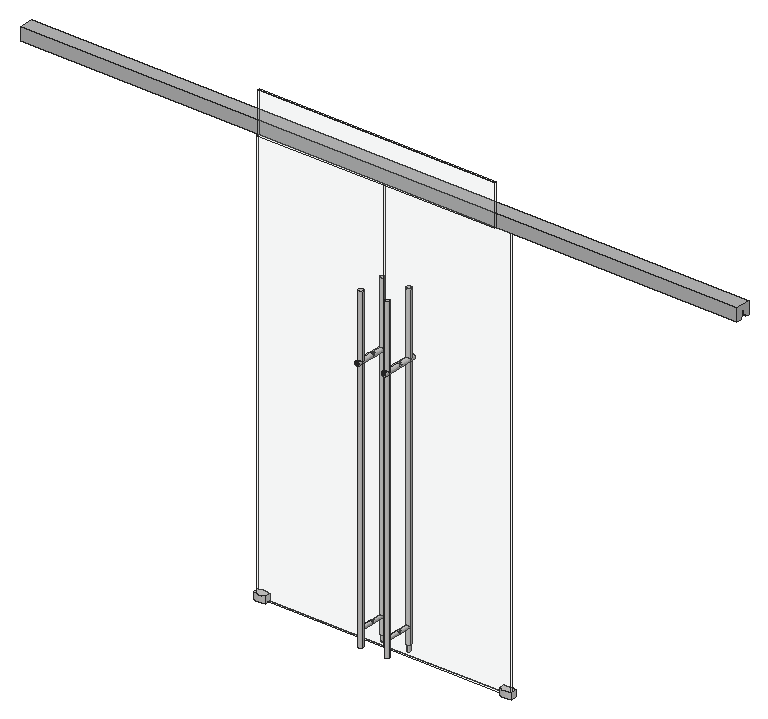
Revit family "Doors_Sliding_Avanti_Systems_Polaris-Auto-Magnetic-Slider_Pair-Glass-Mount-Dbl-Glazed", category Doors, Revit 2026 (continued)
Definition of nested family "Handle"
  Definition of nested family "Hinged Framed Swing locker"
    Automatic sketch dimensions
      Extrusion 3 sketch curve to Extrusion 3 sketch curve = 0"  (x2)
      plane 19 to Extrusion 3 sketch curve = 0.0325"  (x2)
      Extrusion 3 sketch curve to plane 7 = 0.14874"  (x2)
      Extrusion 3 sketch curve to Extrusion 3 sketch curve = 0.01087"  (x2)
      Extrusion 3 sketch curve to Extrusion 3 sketch curve = 0.08227"
      Extrusion 3 sketch curve to plane 12 = 7/16"
      Extrusion 3 sketch curve to Extrusion 3 sketch curve = 0.09962"
      Extrusion 3 sketch curve to Extrusion 3 sketch curve = 0.1465"
      Extrusion 3 sketch curve to Extrusion 3 sketch curve = 0.06811"  (x2)
      Extrusion 3 sketch curve to Extrusion 3 sketch curve = 0.20701"
      plane 13 to Extrusion 3 sketch curve = 1/16"
      Extrusion 4 sketch curve to Extrusion 4 sketch curve = 0"  (x2)
      Extrusion 4 sketch curve to Extrusion 1 = 1"
      Extrusion 1 to Extrusion 4 sketch curve = 1 15/16"
      Extrusion 5 sketch curve to Extrusion 1 = 1"
      Extrusion 1 to Extrusion 5 sketch curve = 1 15/16"
      Extrusion 7 sketch curve to plane 3 "Center (Left/Right)" = 0"
      plane 25 to Extrusion 7 sketch curve = 0.32895"
      plane 20 to Extrusion 8 sketch curve = 0.80529"
      plane 12 to Extrusion 8 sketch curve = 0.68029"
      Extrusion 8 sketch curve to Extrusion 8 sketch curve = 0.0111"
      Extrusion 8 sketch curve to Extrusion 8 sketch curve = 0.12313"
      Extrusion 8 sketch curve to Extrusion 8 sketch curve = 0.09753"
      Extrusion 8 sketch curve to Extrusion 8 sketch curve = 0.1137"
      Extrusion 9 sketch curve to Extrusion 9 sketch curve = 0"  (x4)
      Extrusion 9 sketch curve to Extrusion 1 = 0.71851"
      Extrusion 9 sketch curve to Extrusion 9 sketch curve = 0.28149"
      Extrusion 1 to Extrusion 9 sketch curve = 3.3098"
      Extrusion 9 sketch curve to Extrusion 9 sketch curve = 0.0652"  (x3)
      Extrusion 1 to Extrusion 9 sketch curve = 2.65457"
      Extrusion 1 to Extrusion 9 sketch curve = 2.57443"
      Extrusion 9 sketch curve to Extrusion 9 sketch curve = 0.21707"
      Extrusion 9 sketch curve to Extrusion 9 sketch curve = 0.14346"
      plane 20 to Extrusion 10 sketch curve = 0.80529"
      plane 12 to Extrusion 10 sketch curve = 0.68029"
      Extrusion 10 sketch curve to Extrusion 10 sketch curve = 0.0111"
      Extrusion 10 sketch curve to Extrusion 10 sketch curve = 0.12313"
      Extrusion 10 sketch curve to Extrusion 10 sketch curve = 0.08537"
      Extrusion 10 sketch curve to Extrusion 10 sketch curve = 0.1137"
      Extrusion 11 sketch curve to plane 3 "Center (Left/Right)" = 0"
      plane 25 to Extrusion 11 sketch curve = 0.32895"
      plane 27 to Extrusion 12 sketch curve = 1.04735"
      Extrusion 12 sketch curve to plane 26 = 0.06323"
      Extrusion 12 sketch curve to plane 26 = 0.05213"
      Extrusion 12 sketch curve to plane 16 = 0.02652"
      Extrusion 12 sketch curve to Extrusion 12 sketch curve = 0.08537"
      Extrusion 12 sketch curve to Extrusion 12 sketch curve = 0.1137"
      Extrusion 13 sketch curve to Extrusion 13 sketch curve = 0"  (x2)
      Extrusion 13 sketch curve to plane 24 = 0"
      Extrusion 13 sketch curve to plane 3 "Center (Left/Right)" = 0"
      plane 28 to Extrusion 13 sketch curve = 0.27265"
      Extrusion 13 sketch curve to plane 24 = 0.0652"  (x2)
      plane 28 to Extrusion 13 sketch curve = 0.35279"
      Extrusion 13 sketch curve to Extrusion 13 sketch curve = 0.0652"  (x2)
      plane 25 to Extrusion 13 sketch curve = 0.32895"
      Extrusion 13 sketch curve to Extrusion 13 sketch curve = 0.14346"
      plane 25 to Extrusion 13 sketch curve = 0.11187"
      plane 3 "Center (Left/Right)" to Extrusion 13 sketch curve = 0.28149"
      plane 27 to Extrusion 14 sketch curve = 1.04735"
      Extrusion 14 sketch curve to plane 26 = 0.06323"
      Extrusion 14 sketch curve to plane 26 = 0.05213"
      Extrusion 14 sketch curve to plane 16 = 0.02652"
      Extrusion 14 sketch curve to Extrusion 14 sketch curve = 0.09753"
      Extrusion 14 sketch curve to Extrusion 14 sketch curve = 0.1137"
      plane 24 to curve 1 = 5/256"
      plane 25 to curve 1 = 0.32895"
      plane 3 "Center (Left/Right)" to curve 1 = 91/256"
      radius of Extrusion 4 sketch curve = 0.63654"
      radius of Extrusion 4 sketch curve = 0.60041"
      radius of Extrusion 5 sketch curve = 0.60041"
      radius of Blend 6 sketch curve = 0.21605"
      radius of Blend 6 sketch curve = 0.19257"
      radius of Extrusion 7 sketch curve = 91/256"
      radius of Extrusion 11 sketch curve = 91/256"
  Definition of nested family "Handle_For-Glass_Rounded_600mm"
    Parameters (values of type "Handle_For-Glass_Rounded_600mm")
      Handle Material [instance] = none
      Handle Height [instance] = 48"  # constant formula
      Default Elevation = 48"
    Reference planes (in)
      plane 1 "Center (Front/Back)": y = 0
      plane 2: z = 26.93599
      plane 3 "Center (Left/Right)": x = 0
      plane 4: z = 0
      plane 5: z = -2.66749
      plane 6: y = -28.44876
      plane 7: y = 14.63423
      plane 8: y = -33.36577
    Forms (in)
      Sweep 1, solid, material <- "Handle Material"
        path origin (0, -17.24158, 0) x (0, 0, 1) y (0, -1, 0)
          loop
            line (-2.10925, 11.20718) -> (0, 11.20718)
        profile origin (0, -28.44876, 0) x (0, -1, 0) y (1, 0, 0)
          loop
            circle (0, 0) r 0.3125
      Sweep 2, solid, material <- "Handle Material"
        path origin (0, 10.76459, 0) x (0, 0, 1) y (0, -1, 0)
          loop
            line (-2.30394, 1.07019) -> (0, 1.07019)
        profile origin (0, 9.69441, 0) x (0, -1, 0) y (1, 0, 0)
          loop
            circle (0, 0) r 0.3125
      Extrusion 3, solid, material <- "Handle Material"
        sketch origin (0, -17.24158, 0) x (1, 0, 0) y (0, 0, -1)
          loop
            circle (0, 2.27257) r 0.39445
        from -16.12419 to 31.87581
    Dimensions and locks (in)
      locked: plane 8 to plane 6 at 4.91701
      "Handle Height": plane 7 to plane 8
      aligned and locked: plane 7 to Extrusion 3
      aligned and locked: Extrusion 3 to plane 8
  Definition of nested family "Handle_For-Glass_Rounded_60in"
    Parameters (values of type "60"")
      No locker [instance] = yes
      Locker [instance] = yes
      Handle Material [instance] = none
      Handle Height [instance] = 60"  # constant formula
      Default Elevation = 0"
    Reference planes (in)
      plane 1 "Center (Front/Back)": y = 0
      plane 2: z = 19.87581
      plane 3 "Center (Left/Right)": x = 0
      plane 4: z = 2.66749
      plane 5: y = -36.97039
      plane 6: z = 0
      plane 7: y = 20.02961
      plane 8: y = -39.97039
    Forms (in)
      Sweep 1, solid, material <- "Handle Material"
        path origin (0, -11.8462, 0) x (0, 0, -1) y (0, 1, 0)
          loop
            line (-2.10925, -25.12419) -> (0, -25.12419)
        profile origin (0, -36.97039, 0) x (1, 0, 0) y (0, 1, 0)
          loop
            circle (0, 0) r 0.3125
      Sweep 2, solid, material <- "Handle Material"
        path origin (0, 16.15997, 0) x (0, 0, -1) y (0, 1, 0)
          loop
            line (-3.10757, -8.13036) -> (0, -8.13036)
        profile origin (0, 8.02961, 0) x (1, 0, 0) y (0, 1, 0)
          loop
            circle (0, 0) r 0.4375
      Extrusion 3, solid, material <- "Handle Material"
        sketch origin (0, -11.8462, 0) x (1, 0, 0) y (0, 0, -1)
          loop
            circle (0, -2.27257) r 0.39445
        from -28.12419 to 31.87581
      Revolve 4, solid, material <- "Handle Material"
        sketch origin (0, -11.8462, 0) x (0, 0, -1) y (0, 1, 0)
          loop
            line (-3.10757, 20.0489) -> (-3.19084, 20.0489) -> (-3.19084, 19.87581) -> (-3.10757, 19.87581) -> (-3.10757, 20.0489)
          axis (-3.10757, 19.87581) -> (-3.19084, 19.87581)
        angle from 0 to 360
      Extrusion 5, solid, material <- "Handle Material", visible <- "Locker"
        sketch origin (0, -11.8462, 0) x (0, 0, -1) y (0, 1, 0)
          loop
            line (-3.19084, 19.98905) -> (-3.34908, 19.98905)
            arc (-3.34908, 19.98905) -> (-3.37904, 19.97664) -> (-3.39145, 19.94668) r 0.04237
            line (-3.39145, 19.94668) -> (-3.39145, 19.80495)
            arc (-3.39145, 19.80495) -> (-3.37904, 19.77499) -> (-3.34908, 19.76258) r 0.04237
            line (-3.34908, 19.76258) -> (-3.19084, 19.76258) -> (-3.19084, 19.98905)
        from -0.03592 to 0.03621
      Revolve 6, solid, material <- "Handle Material", visible <- "No locker"
        sketch origin (0, -11.62359, 0) x (0, 0, -1) y (0, 1, 0)
          loop
            line (-3.10757, 20.0489) -> (-3.20833, 20.0489) -> (-3.20833, 19.87581) -> (-3.10757, 19.87581) -> (-3.10757, 20.0489)
          axis (-3.10757, 19.87581) -> (-3.20833, 19.87581)
        angle from 0 to 360
      Revolve 7, solid, material <- "Handle Material", visible <- "Locker"
        sketch origin (0, -11.8462, 0) x (0, 0, -1) y (0, 1, 0)
          loop
            line (-2.27257, -28.12419) -> (-2.50833, -28.12419) -> (-2.50833, -29.32199) -> (-2.41048, -29.49919) -> (-2.27257, -29.49919) -> (-2.27257, -28.12419)
          axis (-2.27257, -28.12419) -> (-2.27257, -29.49919)
        angle from 0 to 360
    Lines and regions (in)
      reference lines
        curve 1: line (0, -40.47039, 2.66749) -> (0, -40.47039, 0)
    Dimensions and locks (in)
      locked: plane 8 to plane 5 at 3
      "Handle Height": plane 7 to plane 8
      aligned and locked: Extrusion 3 to plane 7
      aligned and locked: Extrusion 3 to plane 8
      aligned and locked: Sweep 1 sketch curve to plane 5
  Definition of nested family "Handle_For-Glass_Rounded_60in2"
    Parameters (values of type "60"")
      No locker [instance] = yes
      Locker [instance] = yes
      Handle Material [instance] = none
      Handle Height [instance] = 60"  # constant formula
      Default Elevation = 0"
    Reference planes (in)
      plane 1 "Center (Front/Back)": y = 0
      plane 2: z = 19.87581
      plane 3 "Center (Left/Right)": x = 0
      plane 4: y = -36.97039
      plane 5: z = 0
      plane 6: y = 20.02961
      plane 7: y = -39.97039
      plane 8: z = -2.66749
    Forms (in)
      Sweep 1, solid, material <- "Handle Material"
        path origin (0, -11.8462, 0) x (0, 0, 1) y (0, 1, 0)
          loop
            line (-2.10925, -25.12419) -> (0, -25.12419)
        profile origin (0, -36.97039, 0) x (0, -1, 0) y (1, 0, 0)
          loop
            circle (0, 0) r 0.3125
      Sweep 2, solid, material <- "Handle Material"
        path origin (0, 16.15997, 0) x (0, 0, 1) y (0, 1, 0)
          loop
            line (-3.10757, -8.13036) -> (0, -8.13036)
        profile origin (0, 8.02961, 0) x (0, -1, 0) y (1, 0, 0)
          loop
            circle (0, 0) r 0.4375
      Extrusion 3, solid, material <- "Handle Material"
        sketch origin (0, -11.8462, 0) x (1, 0, 0) y (0, 0, -1)
          loop
            circle (0, 2.27257) r 0.39445
        from -28.12419 to 31.87581
      Revolve 4, solid, material <- "Handle Material"
        sketch origin (0, -11.8462, 0) x (0, 0, 1) y (0, 1, 0)
          loop
            line (-3.10757, 20.0489) -> (-3.19084, 20.0489) -> (-3.19084, 19.87581) -> (-3.10757, 19.87581) -> (-3.10757, 20.0489)
          axis (-3.10757, 19.87581) -> (-3.19084, 19.87581)
        angle from 0 to 360
      Extrusion 5, solid, material <- "Handle Material", visible <- "Locker"
        sketch origin (0, -11.8462, 0) x (0, 0, 1) y (0, -1, 0)
          loop
            line (-3.19084, -19.98905) -> (-3.19084, -19.76258) -> (-3.34908, -19.76258)
            arc (-3.34908, -19.76258) -> (-3.37904, -19.77499) -> (-3.39145, -19.80495) r 0.04237
            line (-3.39145, -19.80495) -> (-3.39145, -19.94668)
            arc (-3.39145, -19.94668) -> (-3.37904, -19.97664) -> (-3.34908, -19.98905) r 0.04237
            line (-3.34908, -19.98905) -> (-3.19084, -19.98905)
        from -0.03592 to 0.03621
      Revolve 6, solid, material <- "Handle Material", visible <- "No locker"
        sketch origin (0, -11.62359, 0) x (0, 0, 1) y (0, 1, 0)
          loop
            line (-3.10757, 20.0489) -> (-3.20833, 20.0489) -> (-3.20833, 19.87581) -> (-3.10757, 19.87581) -> (-3.10757, 20.0489)
          axis (-3.10757, 19.87581) -> (-3.20833, 19.87581)
        angle from 0 to 360
      Revolve 7, solid, material <- "Handle Material", visible <- "Locker"
        sketch origin (0, -11.8462, 0) x (0, 0, 1) y (0, 1, 0)
          loop
            line (-2.27257, -28.12419) -> (-2.50833, -28.12419) -> (-2.50833, -29.32199) -> (-2.41048, -29.49919) -> (-2.27257, -29.49919) -> (-2.27257, -28.12419)
          axis (-2.27257, -28.12419) -> (-2.27257, -29.49919)
        angle from 0 to 360
    Lines and regions (in)
      reference lines
        curve 1: line (0, -40.47039, -2.66749) -> (0, -40.47039, 0)
    Dimensions and locks (in)
      locked: plane 7 to plane 4 at 3
      "Handle Height": plane 6 to plane 7
Definition of nested family "Rail Detail"
  Parameters (values of type "Family9")
    Thickness = 1/2"
    Half Thickness = Thickness / 2  # 1/4"
  Reference planes (in)
    plane 1 "Center (Front/Back)": y = 0
    plane 2: z = 0
    plane 3 "Center (Left/Right)": x = 0
    plane 4: x = 0.07386
  Lines and regions (in)
    model lines, in view "Ref. Level"
      curve 1: arc (-1.04773, 0.84252, 0) -> (-0.88829, 0.68307, 0) -> (-0.72884, 0.84252, 0) r 0.15945
      curve 2: arc (-0.72884, -0.84252, 0) -> (-0.8873, -0.68406, 0) -> (-1.04577, -0.84252, 0) r 0.15846
      curve 3: arc (1.33613, 1.08268, 0) -> (1.31306, 1.13836, 0) -> (1.25739, 1.16142, 0) r 0.07874
      curve 4: arc (1.25739, -1.18111, 0) -> (1.31306, -1.15804, 0) -> (1.33613, -1.10236, 0) r 0.07874
      curve 5: arc (0.74558, -1.16929, 0) -> (0.74904, -1.17765, 0) -> (0.75739, -1.18111, 0) r 0.01181
      curve 6: arc (0.75739, -1.07284, 0) -> (0.74903, -1.0763, 0) -> (0.74558, -1.08465, 0) r 0.01181
      curve 7: arc (0.80848, -1.07562, 0) -> (0.80492, -1.07355, 0) -> (0.80087, -1.07284, 0) r 0.01182
      curve 8: arc (0.81644, -1.08759, 0) -> (0.81516, -1.08223, 0) -> (0.81158, -1.07804, 0) r 0.01181
      curve 9: arc (0.81644, -1.12205, 0) -> (0.81875, -1.12762, 0) -> (0.82432, -1.12992, 0) r 0.00787
      curve 10: arc (0.86369, -1.12992, 0) -> (0.86925, -1.12762, 0) -> (0.87156, -1.12205, 0) r 0.00787
      curve 11: arc (0.87642, -1.07804, 0) -> (0.87285, -1.08223, 0) -> (0.87156, -1.08759, 0) r 0.01181
      curve 12: arc (0.87642, -1.07804, 0) -> (0.89912, -1.03347, 0) -> (0.87642, -0.9889, 0) r 0.05512
      curve 13: arc (0.87156, -0.97934, 0) -> (0.87285, -0.9847, 0) -> (0.87642, -0.9889, 0) r 0.01182
      curve 14: arc (0.87156, -0.94488, 0) -> (0.86925, -0.93932, 0) -> (0.86369, -0.93701, 0) r 0.00787
      curve 15: arc (0.82432, -0.93701, 0) -> (0.81875, -0.93932, 0) -> (0.81644, -0.94488, 0) r 0.00787
      curve 16: arc (0.81158, -0.98889, 0) -> (0.81516, -0.9847, 0) -> (0.81644, -0.97934, 0) r 0.01182
      curve 17: arc (0.80088, -0.9941, 0) -> (0.80493, -0.99338, 0) -> (0.80848, -0.99132, 0) r 0.0118
      curve 18: arc (0.74558, -0.98229, 0) -> (0.74903, -0.99064, 0) -> (0.75739, -0.9941, 0) r 0.01181
      curve 19: arc (0.75739, -0.88583, 0) -> (0.74903, -0.88929, 0) -> (0.74558, -0.89764, 0) r 0.01181
      curve 20: arc (1.00148, -0.89764, 0) -> (0.99802, -0.88929, 0) -> (0.98967, -0.88583, 0) r 0.01181
      curve 21: arc (1.00148, -1.09055, 0) -> (1.00494, -1.0989, 0) -> (1.01329, -1.10236, 0) r 0.01181
      curve 22: arc (1.26526, -1.10236, 0) -> (1.27361, -1.0989, 0) -> (1.27707, -1.09055, 0) r 0.01181
      curve 23: arc (1.27707, 0.68898, 0) -> (1.26554, 0.71682, 0) -> (1.2377, 0.72835, 0) r 0.03937
      curve 24: arc (1.21802, 0.74016, 0) -> (1.22148, 0.73181, 0) -> (1.22983, 0.72835, 0) r 0.01181
      curve 25: arc (1.21802, 1.01968, 0) -> (1.21571, 1.02525, 0) -> (1.21014, 1.02756, 0) r 0.00788
      curve 26: arc (0.844, 1.09843, 0) -> (0.80857, 1.06299, 0) -> (0.844, 1.02756, 0) r 0.03543
      curve 27: arc (1.07629, 1.09843, 0) -> (1.08185, 1.10073, 0) -> (1.08416, 1.1063, 0) r 0.00787
      curve 28: arc (1.09204, 1.16142, 0) -> (1.08647, 1.15911, 0) -> (1.08416, 1.15354, 0) r 0.00788
      curve 29: arc (-1.25049, 0.88583, 0) -> (-1.25884, 0.88237, 0) -> (-1.2623, 0.87402, 0) r 0.01181
      curve 30: arc (-1.2623, -0.87402, 0) -> (-1.25884, -0.88237, 0) -> (-1.25049, -0.88583, 0) r 0.01181
      curve 31: arc (-0.46309, -0.9941, 0) -> (-0.45474, -0.99064, 0) -> (-0.45128, -0.98229, 0) r 0.01181
      curve 32: arc (-0.51419, -0.99132, 0) -> (-0.51689, -0.98918, 0) -> (-0.51971, -0.98722, 0) r 0.05492
      curve 33: arc (0.82235, 0.88583, 0) -> (0.814, 0.88237, 0) -> (0.81054, 0.87402, 0) r 0.01181
      curve 34: arc (-0.1875, 1.02362, 0) -> (-0.19585, 1.02017, 0) -> (-0.19931, 1.01181, 0) r 0.01181
      curve 35: arc (-0.21112, 0.95669, 0) -> (-0.20277, 0.96015, 0) -> (-0.19931, 0.9685, 0) r 0.01181
      curve 36: arc (-0.49065, 0.95669, 0) -> (-0.499, 0.95323, 0) -> (-0.50246, 0.94488, 0) r 0.01181
      curve 37: arc (-0.50246, 0.85827, 0) -> (-0.499, 0.84992, 0) -> (-0.49065, 0.84646, 0) r 0.01181
      curve 38: arc (-0.39616, 0.83465, 0) -> (-0.39962, 0.843, 0) -> (-0.40797, 0.84646, 0) r 0.01181
      curve 39: arc (-0.40797, 0.72835, 0) -> (-0.39962, 0.73181, 0) -> (-0.39616, 0.74016, 0) r 0.01181
      curve 40: arc (-0.50593, 0.73181, 0) -> (-0.50209, 0.72925, 0) -> (-0.49756, 0.72835, 0) r 0.01184
      curve 41: arc (-0.60088, 0.83166, 0) -> (-0.59998, 0.82715, 0) -> (-0.59743, 0.82332, 0) r 0.0118
      curve 42: arc (-0.60088, 0.87402, 0) -> (-0.60434, 0.88237, 0) -> (-0.61269, 0.88583, 0) r 0.01181
      curve 43: arc (1.13337, 0.87402, 0) -> (1.12991, 0.88237, 0) -> (1.12156, 0.88583, 0) r 0.01181
      curve 44: arc (0.81054, 0.8189, 0) -> (0.814, 0.81054, 0) -> (0.82235, 0.80709, 0) r 0.01181
      curve 45: arc (0.86369, 0.79528, 0) -> (0.86023, 0.80363, 0) -> (0.85188, 0.80709, 0) r 0.01181
      curve 46: arc (0.85188, 0.72835, 0) -> (0.86023, 0.73181, 0) -> (0.86369, 0.74016, 0) r 0.01181
      curve 47: arc (0.59991, 0.84646, 0) -> (0.59155, 0.843, 0) -> (0.58809, 0.83465, 0) r 0.01181
      curve 48: arc (0.68258, 0.84646, 0) -> (0.69094, 0.84992, 0) -> (0.69439, 0.85827, 0) r 0.01181
      curve 49: arc (-0.45128, -0.89764, 0) -> (-0.45474, -0.88929, 0) -> (-0.46309, -0.88583, 0) r 0.01181
      curve 50: arc (-0.51419, -0.99132, 0) -> (-0.51063, -0.99338, 0) -> (-0.50658, -0.9941, 0) r 0.0118
      curve 51: arc (-0.57969, -0.98722, 0) -> (-0.60482, -1.03347, 0) -> (-0.57969, -1.07971, 0) r 0.05512
      curve 52: arc (-0.51971, -1.07971, 0) -> (-0.51688, -1.07775, 0) -> (-0.51418, -1.07562, 0) r 0.05538
      curve 53: arc (-0.50657, -1.07284, 0) -> (-0.51062, -1.07355, 0) -> (-0.51418, -1.07562, 0) r 0.01182
      curve 54: arc (-0.45128, -1.08465, 0) -> (-0.45474, -1.0763, 0) -> (-0.46309, -1.07284, 0) r 0.01181
      curve 55: arc (-0.46309, -1.18111, 0) -> (-0.45474, -1.17765, 0) -> (-0.45128, -1.16929, 0) r 0.01181
      curve 56: arc (-1.41978, -1.10236, 0) -> (-1.39672, -1.15804, 0) -> (-1.34104, -1.18111, 0) r 0.07874
      curve 57: arc (-1.34104, 1.1811, 0) -> (-1.39672, 1.15804, 0) -> (-1.41978, 1.10236, 0) r 0.07874
      curve 58: arc (0.5881, 0.74016, 0) -> (0.59155, 0.73181, 0) -> (0.59991, 0.72835, 0) r 0.01181
      curve 59: arc (0.78638, 1.17372, 0) -> (0.78203, 1.17909, 0) -> (0.77543, 1.1811, 0) r 0.01181
      curve 60: arc (0.78638, 1.17372, 0) -> (0.80463, 1.16142, 0) -> (0.82288, 1.17372, 0) r 0.01969
      curve 61: arc (0.83383, 1.1811, 0) -> (0.82723, 1.17909, 0) -> (0.82288, 1.17372, 0) r 0.01181
      curve 62: arc (0.69439, 0.94488, 0) -> (0.69094, 0.95323, 0) -> (0.68258, 0.95669, 0) r 0.01181
      curve 63: arc (0.39124, 0.9685, 0) -> (0.3947, 0.96015, 0) -> (0.40305, 0.95669, 0) r 0.01181
      curve 64: arc (0.39124, 1.01181, 0) -> (0.38779, 1.02017, 0) -> (0.37943, 1.02362, 0) r 0.01181
      curve 65: arc (1.20893, 0.9635, 0) -> (1.21547, 0.96767, 0) -> (1.21802, 0.975, 0) r 0.01181
      curve 66: arc (1.20893, 0.9635, 0) -> (1.17865, 0.9252, 0) -> (1.20893, 0.88689, 0) r 0.03937
      curve 67: arc (1.21802, 0.8754, 0) -> (1.21547, 0.88272, 0) -> (1.20893, 0.88689, 0) r 0.01181
      curve 68: arc (1.20621, 0.72835, 0) -> (1.21456, 0.73181, 0) -> (1.21802, 0.74016, 0) r 0.01181
      curve 69: arc (1.08022, 0.74016, 0) -> (1.08368, 0.73181, 0) -> (1.09203, 0.72835, 0) r 0.01181
      curve 70: arc (1.09203, 0.80709, 0) -> (1.08368, 0.80363, 0) -> (1.08022, 0.79528, 0) r 0.01181
      curve 71: arc (1.12156, 0.80709, 0) -> (1.12991, 0.81054, 0) -> (1.13337, 0.8189, 0) r 0.01181
      curve 72: arc (-1.09695, -1.04331, 0) -> (-1.09464, -1.04888, 0) -> (-1.08907, -1.05118, 0) r 0.00787
      curve 73: arc (-0.6875, -1.05118, 0) -> (-0.68193, -1.04888, 0) -> (-0.67962, -1.04331, 0) r 0.00787
      curve 74: arc (-0.67175, -0.88583, 0) -> (-0.67732, -0.88813, 0) -> (-0.67962, -0.8937, 0) r 0.00787
      curve 75: arc (-1.09695, -0.8937, 0) -> (-1.09925, -0.88814, 0) -> (-1.10482, -0.88583, 0) r 0.00787
      curve 76: arc (-1.08907, 1.05118, 0) -> (-1.09463, 1.04888, 0) -> (-1.09695, 1.04332, 0) r 0.00788
      curve 77: arc (-1.10482, 0.88583, 0) -> (-1.09925, 0.88814, 0) -> (-1.09695, 0.8937, 0) r 0.00787
      curve 78: arc (-0.67962, 1.0433, 0) -> (-0.68193, 1.04888, 0) -> (-0.6875, 1.05118, 0) r 0.00788
      curve 79: arc (-0.67962, 0.8937, 0) -> (-0.67732, 0.88813, 0) -> (-0.67175, 0.88583, 0) r 0.00787
      curve 80: arc (-0.53002, -1.12992, 0) -> (-0.52445, -1.12762, 0) -> (-0.52214, -1.12205, 0) r 0.00787
      curve 81: arc (-0.57726, -1.12205, 0) -> (-0.57495, -1.12762, 0) -> (-0.56939, -1.12992, 0) r 0.00787
      curve 82: arc (-0.56939, -0.93701, 0) -> (-0.57495, -0.93932, 0) -> (-0.57726, -0.94488, 0) r 0.00787
      curve 83: arc (-0.52214, -0.94488, 0) -> (-0.52445, -0.93932, 0) -> (-0.53002, -0.93701, 0) r 0.00787
      curve 84: arc (1.08022, 1.16929, 0) -> (1.07676, 1.17764, 0) -> (1.06841, 1.1811, 0) r 0.01181
      curve 85: arc (1.04085, 1.10236, 0) -> (1.06869, 1.1139, 0) -> (1.08022, 1.14173, 0) r 0.03937
      curve 86: arc (0.99314, 1.10691, 0) -> (0.99728, 1.10356, 0) -> (1.00246, 1.10236, 0) r 0.01181
      curve 87: arc (0.99314, 1.10691, 0) -> (0.96211, 1.12205, 0) -> (0.93108, 1.10691, 0) r 0.03937
      curve 88: arc (0.92177, 1.10236, 0) -> (0.92695, 1.10356, 0) -> (0.93108, 1.10691, 0) r 0.01181
      curve 89: arc (0.844, 1.10236, 0) -> (0.80463, 1.06299, 0) -> (0.844, 1.02362, 0) r 0.03937
      curve 90: arc (0.93108, 1.01908, 0) -> (0.92695, 1.02243, 0) -> (0.92177, 1.02362, 0) r 0.01181
      curve 91: arc (0.93108, 1.01908, 0) -> (0.96211, 1.00394, 0) -> (0.99314, 1.01908, 0) r 0.03937
      curve 92: arc (1.00246, 1.02362, 0) -> (0.99727, 1.02243, 0) -> (0.99314, 1.01908, 0) r 0.01181
      curve 93: arc (1.21802, 1.01181, 0) -> (1.21456, 1.02017, 0) -> (1.20621, 1.02362, 0) r 0.01181
      curve 94: line (-1.03396, 1, 0) -> (-0.74262, 1, 0)
      curve 95: line (-1.04773, 0.84252, 0) -> (-1.04773, 0.89626, 0)
      curve 96: line (-0.72884, 0.89626, 0) -> (-0.72884, 0.84252, 0)
      curve 97: line (-1.03396, -1, 0) -> (-0.74262, -1, 0)
      curve 98: line (-0.72884, -0.89626, 0) -> (-0.72884, -0.84252, 0)
      curve 99: line (-1.04577, -0.84252, 0) -> (-1.04577, -0.89626, 0)
      curve 100: line (1.33613, -1.10236, 0) -> (1.33613, 1.08268, 0)
      curve 101: line (0.75739, -1.18111, 0) -> (1.25739, -1.18111, 0)
      curve 102: line (0.75739, -1.07284, 0) -> (0.80087, -1.07284, 0)
      curve 103: line (0.81644, -1.08759, 0) -> (0.81644, -1.12205, 0)
      curve 104: line (0.82432, -1.12992, 0) -> (0.86369, -1.12992, 0)
      curve 105: line (0.87156, -1.12205, 0) -> (0.87156, -1.08759, 0)
      curve 106: line (0.87156, -0.97934, 0) -> (0.87156, -0.94488, 0)
      curve 107: line (0.86369, -0.93701, 0) -> (0.82432, -0.93701, 0)
      curve 108: line (0.81644, -0.94488, 0) -> (0.81644, -0.97934, 0)
      curve 109: line (0.80088, -0.9941, 0) -> (0.75739, -0.9941, 0)
      curve 110: line (0.75739, -0.88583, 0) -> (0.98967, -0.88583, 0)
      curve 111: line (1.26526, -1.10236, 0) -> (1.01329, -1.10236, 0)
      curve 112: line (1.27707, 0.68898, 0) -> (1.27707, -1.09055, 0)
      curve 113: line (1.22983, 0.72835, 0) -> (1.2377, 0.72835, 0)
      curve 114: line (1.21802, 1.01968, 0) -> (1.21802, 0.74016, 0)
      curve 115: line (1.21802, 0.74016, 0) -> (1.21802, 0.8754, 0)
      curve 116: line (1.00246, 1.02362, 0) -> (1.20621, 1.02362, 0)
      curve 117: line (1.21014, 1.02756, 0) -> (0.844, 1.02756, 0)
      curve 118: line (0.844, 1.02362, 0) -> (0.92177, 1.02362, 0)
      curve 119: line (0.92177, 1.10236, 0) -> (0.844, 1.10236, 0)
      curve 120: line (0.844, 1.09843, 0) -> (1.07629, 1.09843, 0)
      curve 121: line (1.08416, 1.1063, 0) -> (1.08416, 1.15354, 0)
      curve 122: line (1.25739, 1.16142, 0) -> (1.09204, 1.16142, 0)
      curve 123: line (0.74558, -0.89764, 0) -> (0.74558, -0.98229, 0)
      curve 124: line (1.00148, -1.09055, 0) -> (1.00148, -0.89764, 0)
      curve 125: line (0.74558, -1.08465, 0) -> (0.74558, -1.16929, 0)
      curve 126: line (-1.25049, 0.88583, 0) -> (-1.10482, 0.88583, 0)
      curve 127: line (-1.2623, -0.87402, 0) -> (-1.2623, 0.87402, 0)
      curve 128: line (-0.50658, -0.9941, 0) -> (-0.46309, -0.9941, 0)
      curve 129: line (0.82235, 0.88583, 0) -> (1.12156, 0.88583, 0)
      curve 130: line (-0.19931, 0.9685, 0) -> (-0.19931, 1.01181, 0)
      curve 131: line (-0.49065, 0.95669, 0) -> (-0.21112, 0.95669, 0)
      curve 132: line (-0.50246, 0.85827, 0) -> (-0.50246, 0.94488, 0)
      curve 133: line (-0.40797, 0.84646, 0) -> (-0.49065, 0.84646, 0)
      curve 134: line (-0.39616, 0.74016, 0) -> (-0.39616, 0.83465, 0)
      curve 135: line (-0.49756, 0.72835, 0) -> (-0.40797, 0.72835, 0)
      curve 136: line (-0.59743, 0.82332, 0) -> (-0.50593, 0.73181, 0)
      curve 137: line (-0.60088, 0.87402, 0) -> (-0.60088, 0.83166, 0)
      curve 138: line (-0.67175, 0.88583, 0) -> (-0.61269, 0.88583, 0)
      curve 139: line (1.13337, 0.87402, 0) -> (1.13337, 0.8189, 0)
      curve 140: line (0.81054, 0.8189, 0) -> (0.81054, 0.87402, 0)
      curve 141: line (0.85188, 0.80709, 0) -> (0.82235, 0.80709, 0)
      curve 142: line (0.86369, 0.74016, 0) -> (0.86369, 0.79528, 0)
      curve 143: line (0.59991, 0.72835, 0) -> (0.85188, 0.72835, 0)
      curve 144: line (0.58809, 0.83465, 0) -> (0.58809, 0.74016, 0)
      curve 145: line (0.68258, 0.84646, 0) -> (0.59991, 0.84646, 0)
      curve 146: line (-1.10482, -0.88583, 0) -> (-1.25049, -0.88583, 0)
      curve 147: line (-0.46309, -0.88583, 0) -> (-0.67175, -0.88583, 0)
      curve 148: line (-0.45128, -0.98229, 0) -> (-0.45128, -0.89764, 0)
      curve 149: line (-0.1875, 1.02362, 0) -> (0.07628, 1.02362, 0)
      curve 150: line (0.07628, 1.02362, 0) -> (0.09597, 1.04331, 0)
      curve 151: line (0.09597, 1.04331, 0) -> (0.11565, 1.02362, 0)
      curve 152: line (0.11565, 1.02362, 0) -> (0.37943, 1.02362, 0)
      curve 153: line (-0.46309, -1.07284, 0) -> (-0.50657, -1.07284, 0)
      curve 154: line (-0.45128, -1.16929, 0) -> (-0.45128, -1.08465, 0)
      curve 155: line (-1.34104, -1.18111, 0) -> (-0.46309, -1.18111, 0)
      curve 156: line (-1.41978, 1.10236, 0) -> (-1.41978, -1.10236, 0)
      curve 157: line (1.06841, 1.1811, 0) -> (0.83383, 1.1811, 0)
      curve 158: line (0.69439, 0.94488, 0) -> (0.69439, 0.85827, 0)
      curve 159: line (0.39124, 1.01181, 0) -> (0.39124, 0.9685, 0)
      curve 160: line (1.09203, 0.72835, 0) -> (1.20621, 0.72835, 0)
      curve 161: line (1.08022, 0.79528, 0) -> (1.08022, 0.74016, 0)
      curve 162: line (1.12156, 0.80709, 0) -> (1.09203, 0.80709, 0)
      curve 163: line (0.40305, 0.95669, 0) -> (0.68258, 0.95669, 0)
      curve 164: line (-1.09695, 1.04332, 0) -> (-1.09695, 0.8937, 0)
      curve 165: line (-0.6875, 1.05118, 0) -> (-1.08907, 1.05118, 0)
      curve 166: line (-0.67962, 0.8937, 0) -> (-0.67962, 1.0433, 0)
      curve 167: line (-0.67962, -1.04331, 0) -> (-0.67962, -0.8937, 0)
      curve 168: line (-1.08907, -1.05118, 0) -> (-0.6875, -1.05118, 0)
      curve 169: line (-1.09695, -0.8937, 0) -> (-1.09695, -1.04331, 0)
      curve 170: line (-0.57726, -1.08181, 0) -> (-0.57726, -1.12205, 0)
      curve 171: line (-0.52214, -1.12205, 0) -> (-0.52214, -1.08181, 0)
      curve 172: line (-0.52214, -0.98513, 0) -> (-0.52214, -0.94488, 0)
      curve 173: line (-0.57726, -0.94488, 0) -> (-0.57726, -0.98513, 0)
      curve 174: line (-0.53002, -1.12992, 0) -> (-0.56939, -1.12992, 0)
      curve 175: line (-0.56939, -0.93701, 0) -> (-0.53002, -0.93701, 0)
      curve 176: line (0.77543, 1.1811, 0) -> (-1.34104, 1.1811, 0)
      curve 177: line (1.08022, 1.14173, 0) -> (1.08022, 1.16929, 0)
      curve 178: line (1.00246, 1.10236, 0) -> (1.04085, 1.10236, 0)
      curve 179: line (1.21802, 0.975, 0) -> (1.21802, 1.01181, 0)
      curve 180: arc (-0.72476, 0.90317, 0) -> (-0.72774, 0.90027, 0) -> (-0.72884, 0.89626, 0) r 0.00789
      curve 181: arc (-0.72476, 0.90317, 0) -> (-0.71407, 0.92126, 0) -> (-0.72476, 0.93936, 0) r 0.02067
      curve 182: arc (-0.72884, 0.94626, 0) -> (-0.72774, 0.94225, 0) -> (-0.72476, 0.93936, 0) r 0.00787
      curve 183: arc (-1.05181, 0.93936, 0) -> (-1.04883, 0.94225, 0) -> (-1.04773, 0.94626, 0) r 0.00787
      curve 184: arc (-1.05181, 0.93936, 0) -> (-1.0625, 0.92126, 0) -> (-1.05181, 0.90317, 0) r 0.02067
      curve 185: arc (-1.04773, 0.89626, 0) -> (-1.04883, 0.90027, 0) -> (-1.05181, 0.90317, 0) r 0.00789
      curve 186: arc (-1.07529, 1.04331, 0) -> (-1.08365, 1.03984, 0) -> (-1.0871, 1.03148, 0) r 0.01181
      curve 187: arc (-0.68947, 1.0315, 0) -> (-0.69293, 1.03985, 0) -> (-0.70128, 1.04331, 0) r 0.01181
      curve 188: arc (-1.03592, 1, 0) -> (-1.04427, 0.99654, 0) -> (-1.04773, 0.98818, 0) r 0.01182
      curve 189: arc (-1.05954, 0.84646, 0) -> (-1.05119, 0.84992, 0) -> (-1.04773, 0.85827, 0) r 0.01181
      curve 190: arc (-0.72884, 0.98818, 0) -> (-0.7323, 0.99654, 0) -> (-0.74065, 1, 0) r 0.01182
      curve 191: arc (-0.72884, 0.85827, 0) -> (-0.72538, 0.84992, 0) -> (-0.71703, 0.84646, 0) r 0.01181
      curve 192: arc (-0.6245, 0.84646, 0) -> (-0.61615, 0.84992, 0) -> (-0.61269, 0.85827, 0) r 0.01181
      curve 193: arc (-0.61269, 0.87402, 0) -> (-0.61615, 0.88237, 0) -> (-0.6245, 0.88583, 0) r 0.01181
      curve 194: arc (-0.68947, 0.89764, 0) -> (-0.68601, 0.88929, 0) -> (-0.67766, 0.88583, 0) r 0.01181
      curve 195: arc (-1.09891, 0.88583, 0) -> (-1.09056, 0.88929, 0) -> (-1.0871, 0.89764, 0) r 0.01181
      curve 196: arc (-1.16388, 0.85827, 0) -> (-1.16042, 0.84992, 0) -> (-1.15207, 0.84646, 0) r 0.01181
      curve 197: arc (-1.15207, 0.88583, 0) -> (-1.16042, 0.88237, 0) -> (-1.16388, 0.87402, 0) r 0.01181
      curve 198: arc (-1.04773, -0.94626, 0) -> (-1.04883, -0.94226, 0) -> (-1.05181, -0.93936, 0) r 0.00787
      curve 199: arc (-0.72476, -0.93936, 0) -> (-0.72774, -0.94226, 0) -> (-0.72884, -0.94626, 0) r 0.00787
      curve 200: arc (-0.70128, -1.04331, 0) -> (-0.69293, -1.03985, 0) -> (-0.68947, -1.0315, 0) r 0.01181
      curve 201: arc (-1.04773, -0.98819, 0) -> (-1.04428, -0.99654, 0) -> (-1.03592, -1, 0) r 0.01181
      curve 202: arc (-1.04577, -0.85827, 0) -> (-1.04923, -0.84992, 0) -> (-1.05758, -0.84646, 0) r 0.01181
      curve 203: arc (-0.74065, -1, 0) -> (-0.7323, -0.99654, 0) -> (-0.72884, -0.98819, 0) r 0.01181
      curve 204: arc (-0.71702, -0.84646, 0) -> (-0.72538, -0.84992, 0) -> (-0.72884, -0.85827, 0) r 0.01181
      curve 205: arc (-0.61269, -0.85827, 0) -> (-0.61615, -0.84992, 0) -> (-0.62451, -0.84646, 0) r 0.01181
      curve 206: arc (-0.62451, -0.88583, 0) -> (-0.61615, -0.88237, 0) -> (-0.61269, -0.87402, 0) r 0.01181
      curve 207: arc (-0.67766, -0.88583, 0) -> (-0.68601, -0.88929, 0) -> (-0.68947, -0.89764, 0) r 0.01181
      curve 208: arc (-1.0871, -0.89764, 0) -> (-1.09056, -0.88929, 0) -> (-1.09891, -0.88583, 0) r 0.01181
      curve 209: arc (-1.15206, -0.84646, 0) -> (-1.16042, -0.84992, 0) -> (-1.16388, -0.85827, 0) r 0.01181
      curve 210: arc (-1.16388, -0.87402, 0) -> (-1.16042, -0.88237, 0) -> (-1.15206, -0.88583, 0) r 0.01181
      curve 211: arc (-1.0871, -1.0315, 0) -> (-1.08365, -1.03985, 0) -> (-1.07529, -1.04331, 0) r 0.01181
      curve 212: arc (-1.05181, -0.90316, 0) -> (-1.04883, -0.90027, 0) -> (-1.04773, -0.89626, 0) r 0.00787
      curve 213: arc (-0.72884, -0.89626, 0) -> (-0.72774, -0.90027, 0) -> (-0.72476, -0.90316, 0) r 0.00787
      curve 214: arc (-1.05181, -0.90316, 0) -> (-1.0625, -0.92126, 0) -> (-1.05181, -0.93936, 0) r 0.02067
      curve 215: arc (-0.72476, -0.93936, 0) -> (-0.71407, -0.92126, 0) -> (-0.72476, -0.90316, 0) r 0.02067
      curve 216: line (-0.67766, 0.88583, 0) -> (-0.6245, 0.88583, 0)
      curve 217: line (-0.61269, 0.87402, 0) -> (-0.61269, 0.85827, 0)
      curve 218: line (-0.6245, 0.84646, 0) -> (-0.71703, 0.84646, 0)
      curve 219: line (-0.72884, 0.85827, 0) -> (-0.72884, 0.89626, 0)
      curve 220: line (-0.72884, 0.94626, 0) -> (-0.72884, 0.98818, 0)
      curve 221: line (-0.74065, 1, 0) -> (-1.03592, 1, 0)
      curve 222: line (-1.04773, 0.98818, 0) -> (-1.04773, 0.94626, 0)
      curve 223: line (-1.04773, 0.89626, 0) -> (-1.04773, 0.85827, 0)
      curve 224: line (-1.05954, 0.84646, 0) -> (-1.15207, 0.84646, 0)
      curve 225: line (-1.16388, 0.85827, 0) -> (-1.16388, 0.87402, 0)
      curve 226: line (-1.15207, 0.88583, 0) -> (-1.09891, 0.88583, 0)
      curve 227: line (-1.07529, 1.04331, 0) -> (-0.70128, 1.04331, 0)
      curve 228: line (-0.68947, 1.0315, 0) -> (-0.68947, 0.89764, 0)
      curve 229: line (-1.0871, 0.89764, 0) -> (-1.0871, 1.03148, 0)
      curve 230: line (-0.70128, -1.04331, 0) -> (-1.07529, -1.04331, 0)
      curve 231: line (-0.62451, -0.84646, 0) -> (-0.71702, -0.84646, 0)
      curve 232: line (-0.61269, -0.87402, 0) -> (-0.61269, -0.85827, 0)
      curve 233: line (-0.67766, -0.88583, 0) -> (-0.62451, -0.88583, 0)
      curve 234: line (-1.15206, -0.88583, 0) -> (-1.09891, -0.88583, 0)
      curve 235: line (-1.16388, -0.85827, 0) -> (-1.16388, -0.87402, 0)
      curve 236: line (-1.05758, -0.84646, 0) -> (-1.15206, -0.84646, 0)
      curve 237: line (-1.04577, -0.89626, 0) -> (-1.04577, -0.85827, 0)
      curve 238: line (-0.74065, -1, 0) -> (-1.03592, -1, 0)
      curve 239: line (-0.72884, -0.94626, 0) -> (-0.72884, -0.98819, 0)
      curve 240: line (-0.72884, -0.85827, 0) -> (-0.72884, -0.89626, 0)
      curve 241: line (-1.04773, -0.98819, 0) -> (-1.04773, -0.94626, 0)
      curve 242: line (-0.68947, -1.0315, 0) -> (-0.68947, -0.89764, 0)
      curve 243: line (-1.0871, -0.89764, 0) -> (-1.0871, -1.0315, 0)
      curve 244: arc (0.91005, 0.71109, 0) -> (0.77573, 0.72832, 0) -> (0.6418, 0.70829, 0) r 0.49218
      curve 245: arc (-0.99964, 0.71542, 0) -> (-0.88829, 0.66929, 0) -> (-0.77693, 0.71542, 0) r 0.15748
      curve 246: arc (-0.99964, 0.54219, 0) -> (-0.88829, 0.49606, 0) -> (-0.77693, 0.54219, 0) r 0.15748
      curve 247: arc (-0.46, 0.66929, 0) -> (-0.4688, 0.66385, 0) -> (-0.46787, 0.65354, 0) r 0.00984
      curve 248: arc (0.71591, -0.49409, 0) -> (0.70199, -0.49986, 0) -> (0.69623, -0.51378, 0) r 0.01969
      curve 249: arc (0.87339, -0.49409, 0) -> (0.88731, -0.48833, 0) -> (0.89308, -0.47441, 0) r 0.01969
      curve 250: arc (0.89308, -0.3563, 0) -> (0.88926, -0.34465, 0) -> (0.8793, -0.33752, 0) r 0.01969
      curve 251: arc (1.15621, 0.54584, 0) -> (1.13067, 0.56291, 0) -> (1.10054, 0.5689, 0) r 0.07873
      curve 252: arc (1.15621, 0.49016, 0) -> (1.16495, 0.518, 0) -> (1.15621, 0.54584, 0) r 0.04871
      curve 253: arc (1.15621, -0.70725, 0) -> (1.16495, -0.67941, 0) -> (1.15621, -0.65157, 0) r 0.04871
      curve 254: arc (1.10054, -0.73031, 0) -> (1.13067, -0.72432, 0) -> (1.15621, -0.70725, 0) r 0.07873
      curve 255: arc (1.2282, 0.41818, 0) -> (1.23694, 0.44601, 0) -> (1.2282, 0.47385, 0) r 0.04871
      curve 256: arc (1.2282, -0.63526, 0) -> (1.23694, -0.60743, 0) -> (1.2282, -0.57959, 0) r 0.04871
      curve 257: arc (1.2282, -0.63526, 0) -> (1.24527, -0.60972, 0) -> (1.25126, -0.57959, 0) r 0.07874
      curve 258: arc (1.25126, 0.41818, 0) -> (1.24527, 0.44831, 0) -> (1.2282, 0.47385, 0) r 0.07874
      curve 259: arc (0.8793, 0.35433, 0) -> (0.86777, 0.38217, 0) -> (0.83993, 0.3937, 0) r 0.03937
      curve 260: arc (0.83993, -0.47244, 0) -> (0.86777, -0.46091, 0) -> (0.8793, -0.43307, 0) r 0.03937
      curve 261: arc (0.61532, 0.61024, 0) -> (0.60704, 0.63859, 0) -> (0.58137, 0.6532, 0) r 0.03937
      curve 262: arc (0.58137, -0.50753, 0) -> (0.60577, -0.49443, 0) -> (0.61552, -0.46851, 0) r 0.03937
      curve 263: line (0.6667, -0.52858, 0) -> (0.69623, -0.52858, 0)
      curve 264: line (0.69623, -0.52858, 0) -> (0.6667, -0.52858, 0)
      curve 265: line (0.6667, -0.52858, 0) -> (0.69623, -0.52858, 0)
      curve 266: line (0.69623, -0.52858, 0) -> (0.6667, -0.52858, 0)
      curve 267: line (0.6667, -0.52858, 0) -> (0.69623, -0.52858, 0)
      curve 268: line (0.69623, -0.52858, 0) -> (0.6667, -0.52858, 0)
      curve 269: line (0.6667, -0.52858, 0) -> (0.69623, -0.52858, 0)
      curve 270: line (0.69623, -0.52858, 0) -> (0.6667, -0.52858, 0)
      curve 271: line (0.6667, -0.52858, 0) -> (0.6667, -0.55417, 0)
      curve 272: line (0.6667, -0.55417, 0) -> (0.69623, -0.55417, 0)
      curve 273: line (0.8793, -0.24596, 0) -> (0.91005, -0.23865, 0)
      curve 274: line (0.91005, -0.23865, 0) -> (0.93835, -0.21034, 0)
      curve 275: line (0.93835, -0.21034, 0) -> (0.93835, -0.04367, 0)
      curve 276: line (0.93835, -0.04367, 0) -> (0.93835, 0.68278, 0)
      curve 277: line (0.93835, 0.68278, 0) -> (0.91005, 0.71109, 0)
      curve 278: line (0.91005, 0.71109, 0) -> (0.91005, -0.06141, 0)
      curve 279: line (0.91005, -0.06141, 0) -> (0.91005, -0.23865, 0)
      curve 280: line (0.6418, 0.3937, 0) -> (0.6418, 0.70829, 0)
      curve 281: line (0.6418, 0.70829, 0) -> (0.6225, 0.66929, 0)
      curve 282: line (-0.65206, 0.73228, 0) -> (-0.65206, 0.74803, 0)
      curve 283: line (-0.65206, 0.74803, 0) -> (-0.67175, 0.76772, 0)
      curve 284: line (-0.67175, 0.76772, 0) -> (-0.72463, 0.76772, 0)
      curve 285: line (-0.72463, 0.76772, 0) -> (-0.77693, 0.71542, 0)
      curve 286: line (-0.77693, 0.71542, 0) -> (-0.77693, 0.54219, 0)
      curve 287: line (0.93835, 0.13779, 0) -> (0.94623, 0.13779, 0)
      curve 288: line (0.94623, 0.13779, 0) -> (0.95804, 0.14961, 0)
      curve 289: line (0.95804, 0.14961, 0) -> (0.95804, 0.32283, 0)
      curve 290: line (0.95804, 0.32283, 0) -> (0.94623, 0.33465, 0)
      curve 291: line (0.94623, 0.33465, 0) -> (0.93835, 0.33465, 0)
      curve 292: line (-1.12451, 0.54974, 0) -> (-1.12451, -0.76378, 0)
      curve 293: line (-1.12451, -0.76378, 0) -> (-1.10482, -0.78347, 0)
      curve 294: line (-1.10482, -0.78347, 0) -> (-1.05194, -0.78347, 0)
      curve 295: line (-1.05194, -0.78347, 0) -> (-0.99964, -0.73116, 0)
      curve 296: line (-0.99964, -0.73116, 0) -> (-0.99964, 0.54219, 0)
      curve 297: line (-0.99964, 0.54219, 0) -> (-1.05194, 0.59449, 0)
      curve 298: line (-1.05194, 0.59449, 0) -> (-1.10482, 0.59449, 0)
      curve 299: line (-1.10482, 0.59449, 0) -> (-1.12451, 0.57481, 0)
      curve 300: line (-1.12451, 0.57481, 0) -> (-1.12451, 0.54974, 0)
      curve 301: line (-0.77693, -0.73116, 0) -> (-0.72463, -0.78347, 0)
      curve 302: line (-0.72463, -0.78347, 0) -> (-0.67175, -0.78347, 0)
      curve 303: line (-0.67175, -0.78347, 0) -> (-0.65206, -0.76378, 0)
      curve 304: line (-0.65206, -0.76378, 0) -> (-0.65206, 0.57481, 0)
      curve 305: line (-0.65206, 0.57481, 0) -> (-0.67175, 0.59449, 0)
      curve 306: line (-0.67175, 0.59449, 0) -> (-0.72463, 0.59449, 0)
      curve 307: line (-0.72463, 0.59449, 0) -> (-0.77693, 0.54219, 0)
      curve 308: line (-0.77693, 0.54219, 0) -> (-0.77693, -0.73116, 0)
      curve 309: line (-0.65206, 0.57481, 0) -> (-0.65206, 0.73228, 0)
      curve 310: line (-1.12451, 0.73228, 0) -> (-1.12451, 0.74803, 0)
      curve 311: line (-1.12451, 0.74803, 0) -> (-1.10482, 0.76772, 0)
      curve 312: line (-1.10482, 0.76772, 0) -> (-1.05194, 0.76772, 0)
      curve 313: line (-1.05194, 0.76772, 0) -> (-0.99964, 0.71542, 0)
      curve 314: line (-0.99964, 0.71542, 0) -> (-0.99964, 0.54219, 0)
      curve 315: line (-0.63238, 0.14961, 0) -> (-0.65206, 0.14961, 0)
      curve 316: line (-0.65206, -0.33858, 0) -> (-0.63238, -0.33858, 0)
      curve 317: line (-0.63238, 0.30709, 0) -> (-0.65206, 0.30709, 0)
      curve 318: line (0.61532, 0.3937, 0) -> (0.83993, 0.3937, 0)
      curve 319: line (0.83993, 0.3937, 0) -> (0.8793, 0.3937, 0)
      curve 320: line (0.8793, 0.3937, 0) -> (0.8793, 0.35433, 0)
      curve 321: line (0.8793, 0.35433, 0) -> (0.8793, -0.43307, 0)
      curve 322: line (0.8793, -0.43307, 0) -> (0.8793, -0.47244, 0)
      curve 323: line (0.8793, -0.47244, 0) -> (0.83993, -0.47244, 0)
      curve 324: line (0.83993, -0.47244, 0) -> (0.61532, -0.47244, 0)
      curve 325: line (0.61532, -0.47244, 0) -> (0.61532, 0.61024, 0)
      curve 326: line (0.62339, 0.3937, 0) -> (0.62339, 0.67109, 0)
      curve 327: line (0.6225, 0.66929, 0) -> (-0.46, 0.66929, 0)
      curve 328: line (0.93835, 0.5689, 0) -> (1.10054, 0.5689, 0)
      curve 329: line (1.10054, 0.5689, 0) -> (1.10054, 0.49016, 0)
      curve 330: line (1.10054, 0.49016, 0) -> (1.10054, -0.65157, 0)
      curve 331: line (1.10054, -0.65157, 0) -> (0.69623, -0.65157, 0)
      curve 332: line (0.69623, -0.65157, 0) -> (0.69623, -0.51378, 0)
      curve 333: line (0.71591, -0.49409, 0) -> (0.87339, -0.49409, 0)
      curve 334: line (0.89308, -0.47441, 0) -> (0.89308, -0.3563, 0)
      curve 335: line (0.93835, 0.49016, 0) -> (1.10054, 0.49016, 0)
      curve 336: line (1.10054, 0.49016, 0) -> (1.15621, 0.49016, 0)
      curve 337: line (1.15621, 0.49016, 0) -> (1.15621, -0.65157, 0)
      curve 338: line (1.15621, -0.65157, 0) -> (1.10054, -0.65157, 0)
      curve 339: line (1.10054, -0.65157, 0) -> (1.10054, -0.73031, 0)
      curve 340: line (1.10054, -0.73031, 0) -> (0.69623, -0.73031, 0)
      curve 341: line (0.69623, -0.73031, 0) -> (0.69623, -0.65157, 0)
      curve 342: line (1.2282, 0.41818, 0) -> (1.15621, 0.49016, 0)
      curve 343: line (1.15621, 0.54584, 0) -> (1.2282, 0.47385, 0)
      curve 344: line (1.2282, -0.63526, 0) -> (1.15621, -0.70725, 0)
      curve 345: line (1.15621, -0.65157, 0) -> (1.2282, -0.57959, 0)
      curve 346: line (1.2282, -0.57959, 0) -> (1.2282, 0.41818, 0)
      curve 347: line (1.2282, 0.41818, 0) -> (1.25126, 0.41818, 0)
      curve 348: line (1.25126, 0.41818, 0) -> (1.25126, -0.57959, 0)
      curve 349: line (1.25126, -0.57959, 0) -> (1.2282, -0.57959, 0)
      curve 350: line (0.75331, -0.47244, 0) -> (0.75331, -0.49409, 0)
      curve 351: line (0.79268, -0.49409, 0) -> (0.79268, -0.47244, 0)
      curve 352: line (-0.67175, -0.78347, 0) -> (-0.67175, 0.76772, 0)
      curve 353: line (-0.65206, 0.59055, 0) -> (-0.64025, 0.59055, 0)
      curve 354: line (-0.62004, -0.59055, 0) -> (-0.63238, -0.59055, 0)
      curve 355: line (-0.56039, -0.59055, 0) -> (-0.65206, -0.59055, 0)
      curve 356: line (-0.63238, -0.59055, 0) -> (-0.63238, -0.54252, 0)
      curve 357: line (-0.36405, -0.78347, 0) -> (-0.17614, -0.78347, 0)
      curve 358: line (-0.17614, -0.78347, 0) -> (-0.17614, 0.17718, 0)
      curve 359: line (-0.27694, 0.17718, 0) -> (0.21444, 0.17718, 0)
      curve 360: line (0.21444, 0.17718, 0) -> (0.32386, 0.17759, 0)
      curve 361: line (0.62339, 0.43307, 0) -> (0.61532, 0.43307, 0)
      curve 362: line (0.18652, 0.39972, 0) -> (0.19789, 0.37587, 0)
      curve 363: line (0.19789, 0.37587, 0) -> (0.2062, 0.32874, 0)
      curve 364: line (0.2062, 0.32874, 0) -> (0.2062, 0.17718, 0)
      curve 365: line (-0.27694, 0.1811, 0) -> (-0.27694, 0.20079, 0)
      curve 366: line (-0.27694, 0.20079, 0) -> (0.18652, 0.20079, 0)
      curve 367: line (0.18652, 0.20079, 0) -> (0.18652, 0.17718, 0)
      curve 368: line (-1.05194, 0.76772, 0) -> (-1.05194, 0.59449, 0)
      curve 369: line (-1.05194, 0.59449, 0) -> (-1.05194, -0.78347, 0)
      curve 370: line (-1.10482, 0.76772, 0) -> (-1.10482, 0.59449, 0)
      curve 371: line (-1.10482, 0.59449, 0) -> (-1.10482, 0.56869, 0)
      curve 372: line (-1.10482, 0.56869, 0) -> (-1.10482, -0.78347, 0)
      curve 373: line (-0.72463, 0.76772, 0) -> (-0.72463, 0.59449, 0)
      curve 374: line (-0.72463, 0.59449, 0) -> (-0.72463, -0.78347, 0)
      curve 375: line (-1.12451, 0.57481, 0) -> (-1.12451, 0.73228, 0)
      curve 376: line (-0.56039, 0.61417, 0) -> (-0.64025, 0.61417, 0)
      curve 377: line (-0.64025, 0.61417, 0) -> (-0.64025, 0.65354, 0)
      curve 378: line (-0.64025, 0.65354, 0) -> (-0.56039, 0.65354, 0)
      curve 379: line (-0.64025, -0.46851, 0) -> (-0.64025, -0.33858, 0)
      curve 380: line (-0.64025, 0.30709, 0) -> (-0.64025, 0.61417, 0)
      curve 381: line (-0.65206, -0.51181, 0) -> (-0.63238, -0.50787, 0)
      curve 382: line (-0.64025, -0.50945, 0) -> (-0.64025, -0.46851, 0)
      curve 383: line (0.58137, -0.7441, 0) -> (0.58137, 0.61417, 0)
      curve 384: line (0.58137, 0.61417, 0) -> (0.58137, 0.65354, 0)
      curve 385: line (0.58137, 0.65354, 0) -> (0.37163, 0.65354, 0)
      curve 386: line (0.37163, 0.65354, 0) -> (0.18652, 0.65354, 0)
      curve 387: line (0.4846, 0.16142, 0) -> (0.4846, -0.78347, 0)
      curve 388: line (0.4846, -0.78347, 0) -> (0.32386, -0.78347, 0)
      curve 389: line (0.32386, -0.78347, 0) -> (0.32386, 0.17759, 0)
      curve 390: line (0.32386, 0.16142, 0) -> (0.4846, 0.16142, 0)
      curve 391: line (0.58137, 0.61417, 0) -> (0.4846, 0.61417, 0)
      curve 392: line (0.4846, 0.61417, 0) -> (0.4846, 0.65354, 0)
      curve 393: line (0.4846, 0.61417, 0) -> (0.4846, -0.7441, 0)
      curve 394: line (0.4846, -0.7441, 0) -> (0.58137, -0.7441, 0)
      curve 395: line (0.58137, -0.7441, 0) -> (0.58137, -0.78347, 0)
      curve 396: line (0.58137, -0.78347, 0) -> (0.4846, -0.78347, 0)
      curve 397: line (-0.56039, 0.43701, 0) -> (-0.63238, 0.43701, 0)
      curve 398: line (-0.63238, 0.43701, 0) -> (-0.63238, -0.54252, 0)
      curve 399: line (-0.56039, -0.82284, 0) -> (-0.36405, -0.82284, 0)
      curve 400: line (-0.36405, -0.82284, 0) -> (-0.36405, -0.78347, 0)
      curve 401: line (-0.56039, -0.82284, 0) -> (-0.56039, -0.50787, 0)
      curve 402: line (-0.56039, -0.50787, 0) -> (-0.56039, 0.65354, 0)
      curve 403: line (-0.56039, 0.65354, 0) -> (0.18652, 0.65354, 0)
      curve 404: line (0.18652, 0.65354, 0) -> (0.18652, 0.20079, 0)
      curve 405: line (-0.27694, -0.78347, 0) -> (-0.27694, 0.1811, 0)
      curve 406: line (0.60607, 0.63977, 0) -> (0.62339, 0.63977, 0)
      curve 407: line (-0.64025, 0.51181, 0) -> (-0.65206, 0.51181, 0)
  Dimensions and locks (in)
    "Half Thickness": curve 358 to plane 4
    "Half Thickness": plane 4 to curve 389
Definition of nested family "Arrow"
  Reference planes (in)
    plane 1 "Center (Front/Back)": y = 0
    plane 2: z = 0
    plane 3 "Center (Left/Right)": x = 0
  Lines and regions (in)
    detail lines, in view "Ref. Level"
      curve 1: line (-2.57725, 1.35976, 0) -> (-3.93701, 0, 0)
      curve 2: line (-3.93701, 0, 0) -> (3.93701, 0, 0)
      curve 3: line (-2.57725, -1.35976, 0) -> (-3.93701, 0, 0)
